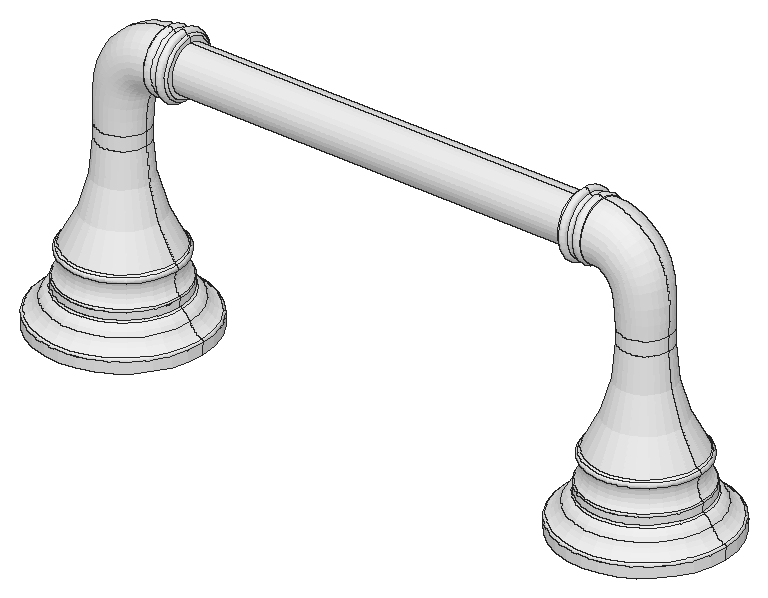
Revit family "Toilet_Paper_Holder-American_Standard-Delancey-7455230_Series", category Specialty Equipment, host Face, Revit 2014
Parameters (values of type "7455230.002")
  Width = 7 1/8"  # constant formula
  Warranty Information = "1 Year Warranty"
  URL = "http://www.americanstandard-us.com"
  Type Comments = ""
  Product Page URL = ""
  Product Documentation Link = ""
  Price = "Prices may vary. Please consult Manufacturer Representative for most up-to-date price list."  # constant formula
  Model = "7455230.002"
  Material = "Metal-American Standard-002-Polished Chrome"
  Manufacturer = "American Standard"
  Length = 3 7/8"  # constant formula
  Installation Type = "Wall Mounted"
  Height = 2 3/16"  # constant formula
  Finish = Metal-American Standard-002-Polished Chrome
  Description = "Delancey Toilet Paper Holder"
  Default Elevation = 44"
  Creation Date = "02/13/2019"  # constant formula
  Assembly Code = "C1030220"
Types (5): name | Model | Material | Finish
  (no name) | "7455230.002" | "Metal-American Standard-002-Polished Chrome" | Metal-American Standard-002-Polished Chrome
  7455230.002 | "7455230.002" | "Metal-American Standard-002-Polished Chrome" | Metal-American Standard-002-Polished Chrome
  7455230.295 | "7455230.295" | "Metal-American Standard-295-Brushed Nickel" | Metal-American Standard-295-Brushed Nickel
  7455230.013 | "7455230.013" | "Metal-American Standard-013-Polished Nickel" | Metal-American Standard-013-Polished Nickel
  7455230.278 | "7455230.278" | "Metal-American Standard-278-Legacy Bronze" | Metal-American Standard-278-Legacy Bronze
Reference planes (in)
  plane 1 "Center (Front/Back)": y = 0
  plane 2: z = 0
  plane 3 "Center (Left/Right)": x = 0
  plane 4: z = 3.875
  plane 5: x = 3.5625
  plane 6: x = -3.5625
  plane 7: z = 3.4375
  plane 8: x = 4.65625
  plane 9: x = 2.46875
  plane 10: x = -4.65625
  plane 11: x = -2.46875
  plane 12: x = 2.65589
  plane 13: x = -2.65589
Forms (in)
  Revolve 1, solid, material "Metal-American Standard-002-Polished Chrome" <- "Finish"
    sketch origin (0, 0, 0) x (1, 0, 0) y (0, 0, 1)
      loop
        line (3.5625, 0) -> (4.65625, 0) -> (4.65625, 0.141)
        arc (4.65625, 0.141) -> (4.65026, 0.16138) -> (4.63419, 0.17527) r 0.03766
        arc (4.63419, 0.17527) -> (4.53872, 0.24026) -> (4.47046, 0.33343) r 0.34044
        arc (4.47046, 0.33343) -> (4.42386, 0.40048) -> (4.35995, 0.45132) r 0.2813
        arc (4.35995, 0.45132) -> (4.34825, 0.46308) -> (4.34396, 0.47911) r 0.03214
        line (4.34396, 0.47911) -> (4.34396, 0.57143)
        arc (4.34396, 0.57143) -> (4.34107, 0.58792) -> (4.33273, 0.60243) r 0.04839
        arc (4.33273, 0.60243) -> (4.27215, 0.74865) -> (4.30546, 0.90337) r 0.26568
        arc (4.30546, 0.90337) -> (4.30939, 0.93502) -> (4.28988, 0.96024) r 0.04184
        arc (4.28988, 0.96024) -> (4.27515, 0.9712) -> (4.2634, 0.98531) r 0.07779
        arc (4.2634, 0.98531) -> (3.9786, 1.60291) -> (3.88099, 2.27597) r 2.36922
        line (3.88099, 2.27597) -> (3.88099, 2.45658) -> (3.5625, 2.45658) -> (3.5625, 0)
      axis (3.5625, 2.45658) -> (3.5625, 0)
    angle from 0 to 360
  Revolve 2, solid, material "Metal-American Standard-002-Polished Chrome" <- "Finish"
    sketch origin (0, 0, 0) x (1, 0, 0) y (0, 0, 1)
      loop
        line (2.97521, 3.4375) -> (2.97521, 3.82422)
        arc (2.97521, 3.82422) -> (2.92467, 3.8481) -> (2.87414, 3.82422) r 0.06541
        arc (2.87414, 3.82422) -> (2.8343, 3.8054) -> (2.79447, 3.82422) r 0.05156
        arc (2.79447, 3.82422) -> (2.747, 3.87169) -> (2.69953, 3.82422) r 0.04747
        arc (2.69953, 3.82422) -> (2.67188, 3.82172) -> (2.65589, 3.79903) r 0.03305
        line (2.65589, 3.79903) -> (2.65589, 3.74054) -> (-2.65589, 3.74054) -> (-2.65589, 3.79903)
        arc (-2.65589, 3.79903) -> (-2.67188, 3.82172) -> (-2.69953, 3.82422) r 0.03305
        arc (-2.69953, 3.82422) -> (-2.747, 3.87169) -> (-2.79447, 3.82422) r 0.04747
        arc (-2.79447, 3.82422) -> (-2.8343, 3.8054) -> (-2.87414, 3.82422) r 0.05156
        arc (-2.87414, 3.82422) -> (-2.92467, 3.8481) -> (-2.97521, 3.82422) r 0.06541
        line (-2.97521, 3.82422) -> (-2.97521, 3.4375) -> (2.97521, 3.4375)
      axis (2.97521, 3.4375) -> (-2.97521, 3.4375)
    angle from 0 to 360
  Revolve 3, solid, material "Metal-American Standard-002-Polished Chrome" <- "Finish"
    sketch origin (0, 0, 0) x (-1, 0, 0) y (0, 0, 1)
      loop
        line (3.5625, 0) -> (4.65625, 0) -> (4.65625, 0.141)
        arc (4.65625, 0.141) -> (4.65026, 0.16138) -> (4.63419, 0.17527) r 0.03766
        arc (4.63419, 0.17527) -> (4.53872, 0.24026) -> (4.47046, 0.33343) r 0.34044
        arc (4.47046, 0.33343) -> (4.42386, 0.40048) -> (4.35995, 0.45132) r 0.2813
        arc (4.35995, 0.45132) -> (4.34825, 0.46308) -> (4.34396, 0.47911) r 0.03214
        line (4.34396, 0.47911) -> (4.34396, 0.57143)
        arc (4.34396, 0.57143) -> (4.34107, 0.58792) -> (4.33273, 0.60243) r 0.04839
        arc (4.33273, 0.60243) -> (4.27215, 0.74865) -> (4.30546, 0.90337) r 0.26568
        arc (4.30546, 0.90337) -> (4.30939, 0.93502) -> (4.28988, 0.96024) r 0.04184
        arc (4.28988, 0.96024) -> (4.27515, 0.9712) -> (4.2634, 0.98531) r 0.07779
        arc (4.2634, 0.98531) -> (3.9786, 1.60291) -> (3.88099, 2.27597) r 2.36922
        line (3.88099, 2.27597) -> (3.88099, 2.45658) -> (3.5625, 2.45658) -> (3.5625, 0)
      axis (3.5625, 2.45658) -> (3.5625, 0)
    angle from 0 to 360
  SweptBlend 4, solid, material "Metal-American Standard-002-Polished Chrome" <- "Finish"
    path origin (0, 0, 0) x (1, 0, 0) y (0, 0, 1)
      loop
        spline (3.5625, 2.45658) -> (3.5621, 2.57741) -> (3.5593, 2.69704) -> (3.55171, 2.81369) -> (3.53692, 2.92561) -> (3.51254, 3.03102) -> (3.47616, 3.12816) -> (3.42588, 3.21524) -> (3.36168, 3.2905) -> (3.28404, 3.35213) -> (3.19343, 3.39837) -> (3.09033, 3.42742) -> (2.97521, 3.4375)
    profile origin (3.5625, 0, 2.45658) x (-1, 0, 0) y (0, -1, 0)
      loop
        circle (0, 0) r 0.31849
    end profile origin (2.97521, 0, 3.4375) x (0, 0, -1) y (0, -1, 0)
      loop
        circle (0, 0) r 0.38672
  SweptBlend 5, solid, material "Metal-American Standard-002-Polished Chrome" <- "Finish"
    path origin (0, 0, 0) x (-1, 0, 0) y (0, 0, 1)
      loop
        spline (3.5625, 2.45658) -> (3.5621, 2.57741) -> (3.5593, 2.69704) -> (3.55171, 2.81369) -> (3.53692, 2.92561) -> (3.51254, 3.03102) -> (3.47616, 3.12816) -> (3.42588, 3.21524) -> (3.36168, 3.2905) -> (3.28404, 3.35213) -> (3.19343, 3.39837) -> (3.09033, 3.42742) -> (2.97521, 3.4375)
    profile origin (-3.5625, 0, 2.45658) x (-1, 0, 0) y (0, -1, 0)
      loop
        circle (0, 0) r 0.31849
    end profile origin (-2.97521, 0, 3.4375) x (0, 0, 1) y (0, -1, 0)
      loop
        circle (0, 0) r 0.38672
Cuts and joins
  joined: SweptBlend 4, SweptBlend 5
  joined: Revolve 1, Revolve 2, Revolve 3
Lines and regions (in)
  Masking region 1
    outline origin (0, 0, 0) x (1, 0, 0) y (0, 0, 1)
      loop
        line (2.46875, 0) -> (4.65625, 0) -> (4.65625, 0.141)
        arc (4.65625, 0.141) -> (4.65026, 0.16138) -> (4.63419, 0.17527) r 0.03766
        arc (4.63419, 0.17527) -> (4.53872, 0.24026) -> (4.47046, 0.33343) r 0.34044
        arc (4.47046, 0.33343) -> (4.42386, 0.40048) -> (4.35995, 0.45132) r 0.2813
        arc (4.35995, 0.45132) -> (4.34825, 0.46308) -> (4.34396, 0.47911) r 0.03214
        line (4.34396, 0.47911) -> (4.34396, 0.57143)
        arc (4.34396, 0.57143) -> (4.34107, 0.58792) -> (4.33273, 0.60243) r 0.04839
        arc (4.33273, 0.60243) -> (4.27215, 0.74865) -> (4.30546, 0.90337) r 0.26568
        arc (4.30546, 0.90337) -> (4.30939, 0.93502) -> (4.28988, 0.96024) r 0.04184
        arc (4.28988, 0.96024) -> (4.27515, 0.9712) -> (4.2634, 0.98531) r 0.07779
        arc (4.2634, 0.98531) -> (3.9786, 1.60291) -> (3.88099, 2.27597) r 2.36922
        line (3.88099, 2.27597) -> (3.88099, 2.45658)
        arc (3.88099, 2.45658) -> (3.87243, 2.78339) -> (3.84678, 3.10931) r 6.24458
        arc (3.84678, 3.10931) -> (3.53535, 3.61839) -> (2.97521, 3.8243) r 0.90823
        arc (2.97521, 3.8243) -> (2.92541, 3.84589) -> (2.87562, 3.8243) r 0.0682
        arc (2.87562, 3.8243) -> (2.83504, 3.8067) -> (2.79447, 3.8243) r 0.05557
        arc (2.79447, 3.8243) -> (2.747, 3.87176) -> (2.69953, 3.8243) r 0.04747
        arc (2.69953, 3.8243) -> (2.67206, 3.82142) -> (2.65589, 3.79903) r 0.03383
        line (2.65589, 3.79903) -> (2.65589, 3.74054) -> (-2.65589, 3.74054) -> (-2.65589, 3.79903)
        arc (-2.65589, 3.79903) -> (-2.67206, 3.82142) -> (-2.69953, 3.8243) r 0.03383
        arc (-2.69953, 3.8243) -> (-2.747, 3.87176) -> (-2.79447, 3.8243) r 0.04747
        arc (-2.79447, 3.8243) -> (-2.83504, 3.8067) -> (-2.87562, 3.8243) r 0.05557
        arc (-2.87562, 3.8243) -> (-2.92541, 3.84589) -> (-2.97521, 3.8243) r 0.0682
        arc (-2.97521, 3.8243) -> (-3.53535, 3.61839) -> (-3.84678, 3.10931) r 0.90823
        arc (-3.84678, 3.10931) -> (-3.87243, 2.78339) -> (-3.88099, 2.45658) r 6.24458
        line (-3.88099, 2.45658) -> (-3.88099, 2.27597)
        arc (-3.88099, 2.27597) -> (-3.9786, 1.60291) -> (-4.2634, 0.98531) r 2.36922
        arc (-4.2634, 0.98531) -> (-4.27515, 0.9712) -> (-4.28988, 0.96024) r 0.07779
        arc (-4.28988, 0.96024) -> (-4.30939, 0.93502) -> (-4.30546, 0.90337) r 0.04184
        arc (-4.30546, 0.90337) -> (-4.27215, 0.74865) -> (-4.33273, 0.60243) r 0.26568
        arc (-4.33273, 0.60243) -> (-4.34107, 0.58792) -> (-4.34396, 0.57143) r 0.04839
        line (-4.34396, 0.57143) -> (-4.34396, 0.47911)
        arc (-4.34396, 0.47911) -> (-4.34825, 0.46308) -> (-4.35995, 0.45132) r 0.03214
        arc (-4.35995, 0.45132) -> (-4.42386, 0.40048) -> (-4.47046, 0.33343) r 0.2813
        arc (-4.47046, 0.33343) -> (-4.53872, 0.24026) -> (-4.63419, 0.17527) r 0.34044
        arc (-4.63419, 0.17527) -> (-4.65026, 0.16138) -> (-4.65625, 0.141) r 0.03766
        line (-4.65625, 0.141) -> (-4.65625, 0) -> (-2.46875, 0) -> (-2.46875, 0.141)
        arc (-2.46875, 0.141) -> (-2.47474, 0.16138) -> (-2.49081, 0.17527) r 0.03766
        arc (-2.49081, 0.17527) -> (-2.58628, 0.24026) -> (-2.65454, 0.33343) r 0.34044
        arc (-2.65454, 0.33343) -> (-2.70114, 0.40048) -> (-2.76505, 0.45132) r 0.2813
        arc (-2.76505, 0.45132) -> (-2.77675, 0.46308) -> (-2.78104, 0.47911) r 0.03214
        line (-2.78104, 0.47911) -> (-2.78104, 0.57143)
        arc (-2.78104, 0.57143) -> (-2.78393, 0.58792) -> (-2.79227, 0.60243) r 0.04839
        arc (-2.79227, 0.60243) -> (-2.85285, 0.74865) -> (-2.81954, 0.90337) r 0.26568
        arc (-2.81954, 0.90337) -> (-2.81561, 0.93502) -> (-2.83512, 0.96024) r 0.04184
        arc (-2.83512, 0.96024) -> (-2.84985, 0.9712) -> (-2.8616, 0.98531) r 0.07779
        arc (-2.8616, 0.98531) -> (-3.1464, 1.60291) -> (-3.24401, 2.27597) r 2.36922
        line (-3.24401, 2.27597) -> (-3.24401, 2.45658)
        arc (-3.24401, 2.45658) -> (-3.22865, 2.69063) -> (-3.18285, 2.92068) r 1.79138
        arc (-3.18285, 2.92068) -> (-3.13106, 2.99892) -> (-3.05282, 3.0507) r 0.23535
        line (-3.05282, 3.0507) -> (-2.97521, 3.0507)
        arc (-2.97521, 3.0507) -> (-2.92541, 3.02911) -> (-2.87562, 3.0507) r 0.0682
        arc (-2.87562, 3.0507) -> (-2.83504, 3.0683) -> (-2.79447, 3.0507) r 0.05557
        arc (-2.79447, 3.0507) -> (-2.747, 3.00324) -> (-2.69953, 3.0507) r 0.04747
        arc (-2.69953, 3.0507) -> (-2.67206, 3.05358) -> (-2.65589, 3.07597) r 0.03383
        line (-2.65589, 3.07597) -> (-2.65589, 3.13446) -> (2.65589, 3.13446) -> (2.65589, 3.07597)
        arc (2.65589, 3.07597) -> (2.67206, 3.05358) -> (2.69953, 3.0507) r 0.03383
        arc (2.69953, 3.0507) -> (2.747, 3.00324) -> (2.79447, 3.0507) r 0.04747
        arc (2.79447, 3.0507) -> (2.83504, 3.0683) -> (2.87562, 3.0507) r 0.05557
        arc (2.87562, 3.0507) -> (2.92541, 3.02911) -> (2.97521, 3.0507) r 0.0682
        line (2.97521, 3.0507) -> (3.05282, 3.0507)
        arc (3.05282, 3.0507) -> (3.13106, 2.99892) -> (3.18285, 2.92068) r 0.23535
        arc (3.18285, 2.92068) -> (3.22865, 2.69063) -> (3.24401, 2.45658) r 1.79138
        line (3.24401, 2.45658) -> (3.24401, 2.27597)
        arc (3.24401, 2.27597) -> (3.1464, 1.60291) -> (2.8616, 0.98531) r 2.36922
        arc (2.8616, 0.98531) -> (2.84985, 0.9712) -> (2.83512, 0.96024) r 0.07779
        arc (2.83512, 0.96024) -> (2.81561, 0.93502) -> (2.81954, 0.90337) r 0.04184
        arc (2.81954, 0.90337) -> (2.85285, 0.74865) -> (2.79227, 0.60243) r 0.26568
        arc (2.79227, 0.60243) -> (2.78393, 0.58792) -> (2.78104, 0.57143) r 0.04839
        line (2.78104, 0.57143) -> (2.78104, 0.47911)
        arc (2.78104, 0.47911) -> (2.77675, 0.46308) -> (2.76505, 0.45132) r 0.03214
        arc (2.76505, 0.45132) -> (2.70114, 0.40048) -> (2.65454, 0.33343) r 0.2813
        arc (2.65454, 0.33343) -> (2.58628, 0.24026) -> (2.49081, 0.17527) r 0.34044
        arc (2.49081, 0.17527) -> (2.47474, 0.16138) -> (2.46875, 0.141) r 0.03766
        line (2.46875, 0.141) -> (2.46875, 0)
  symbolic lines, detail levels medium+fine
    curve 1: line (2.65589, 0, 3.74054) -> (2.65589, 0, 3.13446)
    curve 8: line (-2.65589, 0, 3.74054) -> (-2.65589, 0, 3.13446)
  symbolic lines, detail levels fine
    curve 2: line (2.69953, 0, 3.0507) -> (2.69953, 0, 3.82422)
    curve 3: line (2.79447, 0, 3.82422) -> (2.79447, 0, 3.0507)
    curve 4: line (2.97521, 0, 3.05078) -> (2.97521, 0, 3.8243)
    curve 5: line (4.28988, 0, 0.96024) -> (2.83512, 0, 0.96024)
    curve 6: line (4.34396, 0, 0.47911) -> (2.78104, 0, 0.47911)
    curve 7: line (4.65625, 0, 0.141) -> (2.46875, 0, 0.141)
    curve 9: line (-2.69953, 0, 3.0507) -> (-2.69953, 0, 3.82422)
    curve 10: line (-2.79447, 0, 3.82422) -> (-2.79447, 0, 3.0507)
    curve 11: line (-2.97521, 0, 3.05078) -> (-2.97521, 0, 3.8243)
    curve 12: line (-4.28988, 0, 0.96024) -> (-2.83512, 0, 0.96024)
    curve 13: line (-4.34396, 0, 0.47911) -> (-2.78104, 0, 0.47911)
    curve 14: line (-4.65625, 0, 0.141) -> (-2.46875, 0, 0.141)
Dimensions and locks (in)
  equal spacing: plane 6, plane 3 "Center (Left/Right)", plane 5
  "Width": plane 6 to plane 5
  "Length": level to plane 4
  locked: plane 7 to plane 4 at 0.4375
  equal spacing: plane 8, plane 5, plane 9
  "Height": plane 9 to plane 8
  equal spacing: plane 10, plane 6, plane 11
  "Height": plane 10 to plane 11
  locked: Revolve 1 sketch curve to plane 8 at 0.31229
  locked: plane 5 to plane 12 at 0.90661
  locked: plane 13 to plane 6 at 0.90661
  locked: Revolve 2 sketch curve to plane 12 at 0.31931
  locked: Revolve 2 sketch curve to plane 13 at 0.31931
  locked: plane 7 to Revolve 2 sketch curve at 0.30304
  locked: plane 5 to Revolve 1 sketch curve at 0.31849
  locked: Revolve 3 sketch curve to plane 10 at 0.31229
  locked: plane 6 to Revolve 3 sketch curve at 0.31849
  locked: Masking region 1 sketch curve to plane 8 at 0.31229
  locked: plane 5 to Masking region 1 sketch curve at 0.31849
  locked: Masking region 1 sketch curve to plane 9 at 0.31229
  locked: Masking region 1 sketch curve to plane 5 at 0.31849
  locked: Masking region 1 sketch curve to plane 11 at 0.31229
  locked: Masking region 1 sketch curve to plane 10 at 0.31229
  locked: plane 6 to Masking region 1 sketch curve at 0.31849
  locked: Masking region 1 sketch curve to plane 6 at 0.31849
  equal spacing: Masking region 1 sketch curve, plane 7, Masking region 1 sketch curve
  locked: Masking region 1 sketch curve to Masking region 1 sketch curve at 0.60609
  aligned and locked: plane 2 to host face
  aligned and locked: level to host face
  aligned and locked: plane 5 to Revolve 1 sketch curve
  aligned and locked: Revolve 1 sketch curve to plane 5
  aligned and locked: plane 8 to Revolve 1 sketch curve
  aligned and locked: plane 7 to Revolve 2 sketch curve  (x2)
  aligned and locked: plane 12 to Revolve 2 sketch curve
  aligned and locked: Revolve 2 sketch curve to plane 13
  aligned and locked: plane 6 to Revolve 3 sketch curve  (x2)
  aligned and locked: Revolve 3 sketch curve to plane 10
  aligned and locked: SweptBlend 5 sketch curve to Revolve 2
  aligned and locked: SweptBlend 5 sketch curve to Revolve 3
  aligned and locked: plane 8 to Masking region 1 sketch curve
  aligned and locked: Masking region 1 sketch curve to plane 9
  aligned and locked: Masking region 1 sketch curve to level
  aligned and locked: level to Masking region 1 sketch curve
  aligned and locked: Masking region 1 sketch curve to plane 10
  aligned and locked: plane 11 to Masking region 1 sketch curve
  aligned and locked: plane 12 to Masking region 1 sketch curve
  aligned and locked: Masking region 1 sketch curve to plane 12
  aligned and locked: Masking region 1 sketch curve to plane 13
  aligned and locked: plane 13 to Masking region 1 sketch curve
  aligned and locked: curve 1 to Masking region 1
  aligned and locked: Masking region 1 to curve 1
  aligned and locked: plane 12 to curve 1
  aligned and locked: cut or joined group of Revolve 1, Revolve 2, Revolve 3 to cut or joined group of Revolve 1, Revolve 2, Revolve 3  (x4)
  aligned and locked: cut or joined group of SweptBlend 4, SweptBlend 5 to cut or joined group of Revolve 1, Revolve 2, Revolve 3
  aligned and locked: curve 5 to Masking region 1
  aligned and locked: curve 6 to Masking region 1
  aligned and locked: Masking region 1 to curve 6
  aligned and locked: plane 9 to curve 7
  aligned and locked: plane 8 to curve 7
  aligned and locked: plane 11 to curve 14
  aligned and locked: plane 10 to curve 14
  aligned and locked: Masking region 1 to curve 13
  aligned and locked: curve 13 to Masking region 1
  aligned and locked: curve 12 to Masking region 1
  aligned and locked: Masking region 1 to curve 8
  aligned and locked: curve 8 to Masking region 1
  aligned and locked: curve 8 to plane 13
  aligned and locked: cut or joined group of Revolve 1, Revolve 2, Revolve 3 to cut or joined group of SweptBlend 4, SweptBlend 5
Automatic sketch dimensions
  host sketch curve to host sketch curve = 96"  (x2)
  Revolve 1 sketch curve to level = 0"
  Revolve 1 sketch curve to Revolve 1 sketch curve = 0.12534"
  Revolve 1 sketch curve to Revolve 1 sketch curve = 0.07492"
  Revolve 1 sketch curve to Revolve 1 sketch curve = 0.04839"
  Revolve 1 sketch curve to Revolve 1 sketch curve = 0.05959"
  Revolve 1 sketch curve to Revolve 1 sketch curve = 0.03214"
  plane 8 to Revolve 1 sketch curve = 0.11951"
  plane 8 to Revolve 1 sketch curve = 0.03766"
  Revolve 1 sketch curve to plane 8 = 0.119"
  Revolve 1 sketch curve to plane 8 = 1.59396"
  level to Revolve 1 sketch curve = 0.141"
  level to Revolve 1 sketch curve = 0.2081"
  Revolve 1 sketch curve to Revolve 1 sketch curve = 0.27101"
  Revolve 1 sketch curve to Revolve 1 sketch curve = 0.34412"
  Revolve 1 sketch curve to Revolve 1 sketch curve = 0.09233"
  Revolve 1 sketch curve to Revolve 1 sketch curve = 0.20119"
  Revolve 1 sketch curve to Revolve 1 sketch curve = 0.15134"
  Revolve 1 sketch curve to Revolve 1 sketch curve = 0.10373"
  Revolve 1 sketch curve to plane 7 = 1.16153"
  Revolve 1 sketch curve to Revolve 1 sketch curve = 0.18061"
  Revolve 1 sketch curve to Revolve 1 sketch curve = 0"  (x5)
  Revolve 1 sketch curve to Revolve 1 sketch curve = 0.12776"
  Revolve 1 sketch curve to Revolve 1 sketch curve = 0.07351"
  Revolve 2 sketch curve to Revolve 2 sketch curve = 0.05053"  (x2)
  Revolve 2 sketch curve to plane 4 = 0.01804"  (x2)
  Revolve 2 sketch curve to Revolve 2 sketch curve = 0.09037"
  plane 13 to Revolve 2 sketch curve = 0.09111"
  plane 13 to Revolve 2 sketch curve = 0.03251"
  plane 12 to Revolve 2 sketch curve = 0.03251"
  Revolve 2 sketch curve to Revolve 2 sketch curve = 15/256"
  Revolve 2 sketch curve to Revolve 2 sketch curve = 0.0873"
  Revolve 2 sketch curve to plane 4 = 0.09231"  (x2)
  Revolve 2 sketch curve to Revolve 2 sketch curve = 0.05256"  (x2)
  Revolve 2 sketch curve to Revolve 2 sketch curve = 0.00592"  (x2)
  Revolve 2 sketch curve to plane 4 = 13/256"  (x4)
  Revolve 2 sketch curve to Revolve 2 sketch curve = 0.12554"
  Revolve 2 sketch curve to Revolve 2 sketch curve = 0.14819"
  Revolve 3 sketch curve to level = 0"
  Revolve 3 sketch curve to Revolve 3 sketch curve = 0.12534"
  Revolve 3 sketch curve to Revolve 3 sketch curve = 0.07492"
  Revolve 3 sketch curve to Revolve 3 sketch curve = 0.04839"
  Revolve 3 sketch curve to Revolve 3 sketch curve = 0.05959"
  Revolve 3 sketch curve to Revolve 3 sketch curve = 0.03214"
  Revolve 3 sketch curve to plane 10 = 0.11951"
  Revolve 3 sketch curve to plane 10 = 0.03766"
  plane 10 to Revolve 3 sketch curve = 0.119"
  plane 10 to Revolve 3 sketch curve = 1.59396"
  Revolve 3 sketch curve to level = 0.141"
  Revolve 3 sketch curve to level = 0.2081"
  Revolve 3 sketch curve to Revolve 3 sketch curve = 0.27101"
  Revolve 3 sketch curve to Revolve 3 sketch curve = 0.34412"
  Revolve 3 sketch curve to Revolve 3 sketch curve = 0.09233"
  Revolve 3 sketch curve to Revolve 3 sketch curve = 0.20119"
  Revolve 3 sketch curve to Revolve 3 sketch curve = 0.15134"
  Revolve 3 sketch curve to Revolve 3 sketch curve = 0.10373"
  plane 7 to Revolve 3 sketch curve = 1.16153"
  Revolve 3 sketch curve to Revolve 3 sketch curve = 0.18061"
  Revolve 3 sketch curve to Revolve 3 sketch curve = 0"  (x5)
  Revolve 3 sketch curve to Revolve 3 sketch curve = 0.12776"
  Revolve 3 sketch curve to Revolve 3 sketch curve = 0.07351"
  SweptBlend 4 sketch curve to plane 7 = 0"
  plane 5 to SweptBlend 4 sketch curve = 0"
  plane 12 to SweptBlend 4 sketch curve = 0.31931"
  SweptBlend 4 sketch curve to plane 7 = 0.98092"
  plane 1 "Center (Front/Back)" to SweptBlend 4 sketch curve = 0"
  SweptBlend 4 sketch curve to profile plane = 0"  (x2)
  SweptBlend 4 sketch curve to plane 1 "Center (Front/Back)" = 0"
  SweptBlend 5 sketch curve to plane 7 = 0"
  SweptBlend 5 sketch curve to plane 6 = 0"
  SweptBlend 5 sketch curve to plane 13 = 0.31931"
  plane 7 to SweptBlend 5 sketch curve = 0.98092"
  Masking region 1 sketch curve to plane 10 = 0.119"
  Masking region 1 sketch curve to plane 10 = 1.59396"
  plane 10 to Masking region 1 sketch curve = 0.03766"
  plane 10 to Masking region 1 sketch curve = 0.11951"
  Masking region 1 sketch curve to Masking region 1 sketch curve = 0.03214"  (x4)
  plane 10 to Masking region 1 sketch curve = 0.32762"
  Masking region 1 sketch curve to Masking region 1 sketch curve = 0.04839"  (x4)
  Masking region 1 sketch curve to Masking region 1 sketch curve = 0.05959"  (x4)
  Masking region 1 sketch curve to Masking region 1 sketch curve = 0.12534"  (x2)
  plane 13 to Masking region 1 sketch curve = 0.39692"
  Masking region 1 sketch curve to Masking region 1 sketch curve = 0.07761"  (x2)
  Masking region 1 sketch curve to Masking region 1 sketch curve = 0.01057"
  Masking region 1 sketch curve to Masking region 1 sketch curve = 0.00532"  (x2)
  plane 13 to Masking region 1 sketch curve = 69/256"
  Masking region 1 sketch curve to Masking region 1 sketch curve = 0.0498"  (x2)
  plane 13 to Masking region 1 sketch curve = 0.25048"
  plane 13 to Masking region 1 sketch curve = 0.20006"
  Masking region 1 sketch curve to Masking region 1 sketch curve = 0.09037"  (x4)
  Masking region 1 sketch curve to plane 4 = 0.01273"  (x2)
  plane 13 to Masking region 1 sketch curve = 0.09111"  (x2)
  plane 13 to Masking region 1 sketch curve = 0.03312"  (x2)
  Masking region 1 sketch curve to plane 13 = 0.06764"
  Masking region 1 sketch curve to Masking region 1 sketch curve = 0.03766"  (x3)
  Masking region 1 sketch curve to plane 11 = 0.119"
  Masking region 1 sketch curve to plane 11 = 1.01612"
  Masking region 1 sketch curve to Masking region 1 sketch curve = 0.57784"  (x2)
  Masking region 1 sketch curve to plane 7 = 0.98092"  (x2)
  Masking region 1 sketch curve to Masking region 1 sketch curve = 3.23838"
  Masking region 1 sketch curve to plane 9 = 4.83234"
  Masking region 1 sketch curve to plane 9 = 1.59396"
  Masking region 1 sketch curve to plane 9 = 0.119"
  Masking region 1 sketch curve to plane 12 = 0.06764"
  plane 12 to Masking region 1 sketch curve = 0.03312"  (x2)
  Masking region 1 sketch curve to Masking region 1 sketch curve = 0.05798"  (x2)
  plane 12 to Masking region 1 sketch curve = 0.14047"
  Masking region 1 sketch curve to Masking region 1 sketch curve = 0.08804"  (x2)
  plane 12 to Masking region 1 sketch curve = 0.25048"
  Masking region 1 sketch curve to Masking region 1 sketch curve = 0.12428"
  Masking region 1 sketch curve to Masking region 1 sketch curve = 0.07492"
  plane 8 to Masking region 1 sketch curve = 0.11951"
  Masking region 1 sketch curve to plane 8 = 0.119"
  Masking region 1 sketch curve to plane 8 = 1.59396"
  Masking region 1 sketch curve to Masking region 1 sketch curve = 0.141"  (x2)
  level to Masking region 1 sketch curve = 0.141"  (x2)
  level to Masking region 1 sketch curve = 0.2081"  (x4)
  Masking region 1 sketch curve to Masking region 1 sketch curve = 0.27101"  (x4)
  Masking region 1 sketch curve to Masking region 1 sketch curve = 0.34412"  (x4)
  Masking region 1 sketch curve to Masking region 1 sketch curve = 0.09233"  (x4)
  Masking region 1 sketch curve to Masking region 1 sketch curve = 0.20119"  (x4)
  Masking region 1 sketch curve to Masking region 1 sketch curve = 0.15134"  (x4)
  Masking region 1 sketch curve to Masking region 1 sketch curve = 0.10373"  (x4)
  Masking region 1 sketch curve to Masking region 1 sketch curve = 0"  (x23)
  Masking region 1 sketch curve to Masking region 1 sketch curve = 0.18061"  (x2)
  Masking region 1 sketch curve to Masking region 1 sketch curve = 0.37592"  (x2)
  Masking region 1 sketch curve to Masking region 1 sketch curve = 0.0837"  (x2)
  Masking region 1 sketch curve to Masking region 1 sketch curve = 0.09653"  (x2)
  Masking region 1 sketch curve to Masking region 1 sketch curve = 0.1345"  (x2)
  Masking region 1 sketch curve to Masking region 1 sketch curve = 0.03797"  (x2)
  Masking region 1 sketch curve to Masking region 1 sketch curve = 0.02527"  (x2)
  Masking region 1 sketch curve to Masking region 1 sketch curve = 0.03216"
  Masking region 1 sketch curve to Masking region 1 sketch curve = 0.00689"  (x3)
  Masking region 1 sketch curve to Masking region 1 sketch curve = 0.0466"  (x2)
  Masking region 1 sketch curve to Masking region 1 sketch curve = 0.05848"  (x3)
  Masking region 1 sketch curve to plane 4 = 0.09731"  (x2)
  Masking region 1 sketch curve to Masking region 1 sketch curve = 0.05159"
  Masking region 1 sketch curve to plane 4 = 0.0507"  (x4)
  Masking region 1 sketch curve to plane 6 = 0.28428"
  plane 10 to curve 12 = 0.36637"
  plane 13 to curve 11 = 0.31931"
  plane 13 to curve 12 = 0.17922"
  plane 13 to curve 10 = 0.13857"
  plane 13 to curve 9 = 0.04364"
  plane 12 to curve 2 = 0.04364"
  curve 2 to curve 3 = 0.09493"
  plane 12 to curve 5 = 0.17922"
  curve 3 to curve 4 = 0.18074"
  plane 8 to curve 5 = 0.36637"
  level to curve 13 = 0.47911"
  level to curve 6 = 0.47911"
  level to curve 14 = 0.141"
  level to curve 7 = 0.141"
  curve 3 to curve 1 = 0.08375"
  curve 9 to curve 10 = 0"
  curve 2 to curve 1 = 0.08375"
  curve 3 to curve 4 = 0.00007"
  curve 10 to curve 11 = 0.00007"
  curve 9 to curve 8 = 0.08375"
  curve 9 to plane 4 = 13/256"
  curve 2 to plane 4 = 13/256"
  curve 3 to plane 4 = 13/256"
  curve 10 to plane 4 = 13/256"
  curve 4 to plane 4 = 0.0507"
  curve 11 to plane 4 = 0.0507"
  radius of SweptBlend 4 sketch curve = 0.31849"
  radius of SweptBlend 4 sketch curve = 99/256"
